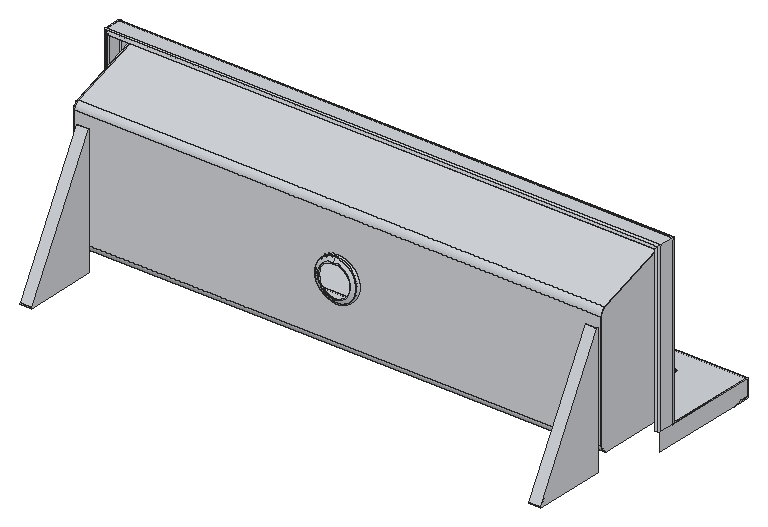
Revit family "Wall_Hung _Multiple_Station_Hand_Wash_Sink-Elkay-EWMA6020_3_6", category Plumbing Fixtures, host Face, Revit 2022
Family settings
  Host = Face
  Round Connector Dimension = Use Diameter
  Part Type = Normal
  OmniClass Number = 23.45.05.14.14
  OmniClass Title = Sinks/Lavatories
  Cut with Voids When Loaded = No
  Maintain Annotation Orientation = No
  Shared = No
  Room Calculation Point = No
Parameters (values of type "EWMA60206 (Wall Hung Multiple Station 6-Hole Sink)")
  center Hole = no
  URL = "https://www.elkay.com/us/en.html"
  Sink Width = (Back splash width + Bowl Width + Front rim)  # 20.00"
  Sink Length = (Bowl length + Rim * 2)  # 60.00"
  Sink Depth = 18.00"
  Sink Dimensions = "60 inch x 20 inch x 18 inch"  # constant formula
  Rim = 1.50"
  Right side 2 Hole pair = yes
  Repair Parts URL = "https://www.elkayfiles.com/care-cleaning-install-warranty-sheets/2000000714.pdf"
  Product data URL = "https://www.bimobject.com/en/elkay/product/EWMA60206"
  Product Weight (lbs) = 89
  Product Page URL = "https://www.elkay.com/products/details/EWMA60206"
  Product Installation Sheet URL = "https://www.elkayfiles.com/care-cleaning-install-warranty-sheets/2000000714.pdf"
  Product Documentation Link = "https://www.elkayfiles.com/spec-sheets/ewma60206_spec.pdf"
  Outlet Connection Size (inch) = 1.50"
  No of Bowls = 1  # constant formula
  Modified Date = ""
  Model = "EWMA60206"
  Manufacturer Brand = "Elkay (by Zurn Elkay Water Solutions)"  # constant formula
  Manufacturer = "Elkay Manufacturer Company"  # constant formula
  Main Material = Finish-Elkay-Stainless Steel
  Installation type = "Wall Hung"  # constant formula
  Guage = "14"  # constant formula
  Front rim = 1.50"
  Drain Size = "3 1/2 inch"
  Drain Location along y-axis = 6.88"
  Drain Location along x-axis = 30.00"
  Drain Location = "Center"  # constant formula
  Description = "Stainless Steel 60 inch x 20 inch x 18 inch 6-Hole Wall Hung Multiple Station Hand Wash Sink"
  Default Elevation = 48.00"
  Date Created = "07-15-2025"  # constant formula
  CL of Hole = 3.50"
  C/C distance of Center2-Hole pair holes = 8.00"
  Bowl Width = 16.50"
  Bowl length = 57.00"
  Bowl  Dimensions = "57 inch x 16 1/2 inch x 8 inch"  # constant formula
  Back splash width = 2.00"
  Back splash Height = 10.00"
  Assembly Code = "D2010400"
  Approx. Shipping Weight (lbs) = 90
  Center 2-Hole pair = yes
  Left side 2 Hole pair = yes
Types (3): name | center Hole | Right side 2 Hole pair | Product data URL | Product Page URL | Product Documentation Link | Model | Drain Size | Drain Location along x-axis | Description | C/C distance of Center2-Hole pair holes | Left side 2 Hole pair
  (no name) | no | yes | "https://www.bimobject.com/en/elkay/product/EWMA60206" | "https://www.elkay.com/products/details/EWMA60206" | "https://www.elkayfiles.com/spec-sheets/ewma60206_spec.pdf" | "EWMA60206" | "3 1/2 inch" | 30.00" | "Stainless Steel 60 inch x 20 inch x 18 inch 6-Hole Wall Hung Multiple Station Hand Wash Sink" | 8.00" | yes
  EWMA60206 (Wall Hung Multiple Station 6-Hole Sink) | no | yes | "https://www.bimobject.com/en/elkay/product/EWMA60206" | "https://www.elkay.com/products/details/EWMA60206" | "https://www.elkayfiles.com/spec-sheets/ewma60206_spec.pdf" | "EWMA60206" | "3 1/2 inch" | 30.00" | "Stainless Steel 60 inch x 20 inch x 18 inch 6-Hole Wall Hung Multiple Station Hand Wash Sink" | 8.00" | yes
  EWMA60203 (Wall Hung Multiple Station 3-Hole Sink) | yes | no | "https://www.bimobject.com/en/elkay/product/EWMA60203" | "https://www.elkay.com/products/details/EWMA60203" | "https://www.elkayfiles.com/spec-sheets/ewma60203_spec.pdf" | "EWMA60203" | "3 1/2" | 22.50" | "Stainless Steel 60 inch x 20 inch x 18 inch 3-Hole Wall Hung Multiple Station Hand Wash Sink" | 40.00" | no
Reference planes (in)
  plane 1 "Center (Front/Back)": y = 0
  plane 2: z = 0
  plane 3 "Center (Left/Right)": x = 0
  plane 4: x = -30
  plane 5: x = 30
  plane 6: z = 20
  plane 7: y = 14.575
  plane 8: z = 8.88
  plane 9: z = 18.5
  plane 10: z = 2
  plane 11: x = -28.5
  plane 12: x = 28.5
Lines and regions (in)
  Masking region 1
    outline origin (0, 0, 0) x (1, 0, 0) y (0, 0, 1)
      loop
        line (-30, 20) -> (-30, 0) -> (30, 0) -> (30, 20) -> (-30, 20)
  Masking region 2, detail levels fine
    outline origin (0, 0, 0) x (1, 0, 0) y (0, 0, 1)
      loop
        line (-28.5, 18.5) -> (-28.5, 2) -> (28.5, 2) -> (28.5, 18.5) -> (-28.5, 18.5)
      loop
        circle (0, 8.88) r 1.75
Dimensions and locks (in)
  equal spacing: plane 5, plane 3 "Center (Left/Right)", plane 4
  "Back splash width": plane 10 to level
  "Bowl Width": plane 9 to plane 10
  plane 9 to plane 8 to plane 10 = 9.62", 6.88"
  equal spacing: plane 12, plane 3 "Center (Left/Right)", plane 11
  "Bowl length": plane 12 to plane 11
  "Drain Location along y-axis": plane 8 to plane 10
  "Front rim": plane 6 to plane 9
  "Rim": plane 11 to plane 4
  plane 12 to plane 5 = 1.50"
  aligned and locked: plane 2 to host face
  aligned and locked: level to host face
  aligned and locked: plane 3 "Center (Left/Right)" to nested 1
  aligned and locked: nested 1 to plane 8
  aligned and locked: plane 1 "Center (Front/Back)" to nested 1
  aligned and locked: Masking region 1 sketch curve to plane 6
  aligned and locked: plane 4 to Masking region 1 sketch curve
  aligned and locked: level to Masking region 1 sketch curve
  aligned and locked: Masking region 1 sketch curve to plane 5
  aligned and locked: Masking region 2 sketch curve to plane 9
  aligned and locked: plane 11 to Masking region 2 sketch curve
  aligned and locked: plane 10 to Masking region 2 sketch curve
  aligned and locked: Masking region 2 sketch curve to plane 12
  aligned and locked: plane 8 to Masking region 2 sketch curve
  aligned and locked: plane 3 "Center (Left/Right)" to Masking region 2 sketch curve
Automatic sketch dimensions
  host sketch curve to host sketch curve = 96.00"
  host sketch curve to host sketch curve = 80.79059"
  radius of Masking region 2 sketch curve = 1.75"
Nested families (in)
  nested 1: "EWMA6020" at (0, -15.75, 10) x (1, 0, 0) z (0, 1, 0), Sink Length <- "Sink Length", Sink Width <- "Sink Width", Sink depth <- "Sink Depth", Bowl length <- "Bowl length", Bowl Width <- "Bowl Width", Back splash width <- "Back splash width", Back splash Height <- "Back splash Height", CL of Hole <- "CL of Hole", Drain location along y axis <- "Drain Location along y-axis", Front rim <- "Front rim", Rim <- "Rim", Drain location along x axis <- "Drain Location along x-axis", Center Hole <- "center Hole", Left side 2-Hole pair <- "Left side 2 Hole pair", Right side 2-Hole pair <- "Right side 2 Hole pair", Center 2-Hole pair <- "Center 2-Hole pair", c/c distance of  center 2-Hole pair <- "C/C distance of Center2-Hole pair holes", type "EWMA6020"
    with distance between 2 holes 40.00", c/c distance of  center 2-Hole pair 8.00", Stainless Steel Metal - Steel - Stainless - Chrome, Sink depth 18.00", Sink Width 20.00", Sink Length 60.00", Rim 1.50", Right side 2-Hole pair yes, Left side 2-Hole pair yes, Front rim 1.50", Drain location along y axis 6.88", Drain location along x axis 30.00", Center Hole no, Center 2-Hole pair yes, CL of Hole 3.50", Bowl length 57.00", Bowl Width 16.50", Back splash width 2.00", Back splash Height 10.00", Angle for  Bowl 71.0296°
Connectors (in)
  piping at (0, -8.3873, 8.88), diameter 1.5, driven by "Outlet Connection Size (inch)"
    settings: on nested 1, index 1, connector inside diameter 24", connector length 0.00", flow factor 0, pipe flow 0 GPM, pressure drop 0.00 psi, fitting loss kfactor 0, connector angle 0.00°, fixture units 0, engagement length 0.00", angle of deflection 0.00°, flow configuration 0, flow direction 2, fitting loss method 0, system type 16, joint type 0, gender type 0, connector reference index -1, connector utility 0, adjustable connector no, is connector primary yes, connector description "Sanitary Outlet"
Definition of nested family "EWMA6020"
  Parameters (values of type "EWMA6020")
    distance between 2 holes [instance] = 16.00"
    c/c distance of  center 2-Hole pair [instance] = 8.00"
    Sink depth [instance] = 18.00"
    Sink Width [instance] = 20.00"
    Sink Length [instance] = 48.00"
    Rim [instance] = 1.50"
    URL = ""
    Type Comments = ""
    Stainless Steel [instance] = none
    Model = ""
    Manufacturer = ""
    Main Material = none
    Front rim [instance] = 1.50"
    Drain location along y axis [instance] = 6.875"
    Drain location along x axis [instance] = 0.00"
    Description = ""
    Default Elevation = 48.00"
    Center 2-Hole pair [instance] = yes
    Center Hole [instance] = yes
    CL of Hole [instance] = 3.50"
    Bowl length [instance] = 57.00"
    Bowl Width [instance] = 16.50"
    Back splash width [instance] = 2.00"
    Back splash Height [instance] = 10.00"
    Assembly Code = ""
    Angle for  Bowl [instance] = 71.0296°
    Right side 2-Hole pair [instance] = yes
    Left side 2-Hole pair [instance] = yes
  Reference planes (in)
    plane 1 "Center (Front/Back)": y = 0
    plane 2: z = 0
    plane 3 "Center (Left/Right)": x = 0
    plane 4: y = 10
    plane 5: y = -10
    plane 6: x = 30
    plane 7: x = -30
    plane 8: x = 28.5
    plane 9: x = -28.5
    plane 10: y = 8
    plane 11: y = -8.5
    plane 12: y = 1.125
    plane 13: z = 22.325
    plane 14: z = 15.75
    plane 15: z = 13.82508
    plane 16: z = 7.82508
    plane 17: y = 8.075
    plane 18: y = 9.9248
    plane 19: z = 7.75
    plane 20: x = -28.575
    plane 21: x = 28.575
    plane 22: z = 15.47493
    plane 23: z = 25.75
    plane 24: x = 26.875
    plane 25: x = 28.125
    plane 26: x = -26.875
    plane 27: x = -28.125
    plane 28: y = 9.944
    plane 29: y = 9.84375
    plane 30: y = 9.78775
    plane 31: z = 25.675
    plane 32: x = -24
    plane 33: x = 24
  Forms (in)
    Sweep 1, solid
      path origin (-75.79017, -58.88339, 6.13433) x (0, -1, 0) y (-1, 0, 0)
        loop
          line (-58.88339, -47.21517) -> (-58.88339, -104.29017)
      profile origin (-0.0375, 0, 6.13433) x (0, 1, 0) y (0, 0, 1)
        loop
          line (8.07503, 2.37874) -> (8.07503, 9.3406) -> (7.99983, 9.3406) -> (7.99983, 2.37874)
          arc (7.99983, 2.37874) -> (7.79837, 1.89238) -> (7.31201, 1.69092) r 0.68782
          line (7.31201, 1.69092) -> (-5.2474, 1.69092)
          arc (-5.2474, 1.69092) -> (-5.65648, 1.82191) -> (-5.91338, 2.16617) r 0.70426
          line (-5.91338, 2.16617) -> (-8.33993, 9.22268) -> (-8.5, 9.26557) -> (-8.5, 9.18772) -> (-8.39771, 9.16031) -> (-5.98431, 2.14179)
          arc (-5.98431, 2.14179) -> (-5.69994, 1.76072) -> (-5.24712, 1.61572) r 0.77955
          line (-5.24712, 1.61572) -> (7.31201, 1.61572)
          arc (7.31201, 1.61572) -> (7.85154, 1.83921) -> (8.07503, 2.37874) r 0.76302
    Extrusion 2, solid
      sketch origin (-143, -1.69145, 10.2287) x (0, 1, 0) y (0, 0, 1)
        loop
          line (9.76646, -1.71571) -> (9.76646, 5.11345) -> (-6.72173, 5.11345) -> (-4.28978, -1.96131)
          arc (-4.28978, -1.96131) -> (-4.01015, -2.33609) -> (-3.56483, -2.4787) r 0.76659
          line (-3.56483, -2.4787) -> (9.00346, -2.4787)
          arc (9.00346, -2.4787) -> (9.54298, -2.25522) -> (9.76646, -1.71571) r 0.76299
      from 171.575 to 171.5
    Extrusion 3, solid
      sketch origin (-143, 0.79105, 25.9002) x (0, 1, 0) y (0, 0, 1)
        loop
          line (9.01603, -0.1502) -> (7.40186, -0.1502)
          arc (7.40186, -0.1502) -> (7.26545, -0.2067) -> (7.20895, -0.34311) r 0.19291
          line (7.20895, -0.34311) -> (7.20895, -12.07511) -> (9.20895, -12.07511) -> (9.20895, -0.34311)
          arc (9.20895, -0.34311) -> (9.15244, -0.2067) -> (9.01603, -0.1502) r 0.19291
      from 172.925 to 173
    Extrusion 4, solid
      sketch origin (-120.425, 75.12404, 65.31929) x (0, 1, 0) y (0, 0, 1)
        loop
          arc (-66.93112, -39.56929) -> (-67.06753, -39.62579) -> (-67.12404, -39.7622) r 0.19291
          line (-67.12404, -39.7622) -> (-67.12404, -51.49421) -> (-65.12404, -51.49421) -> (-65.12404, -39.7622)
          arc (-65.12404, -39.7622) -> (-65.18054, -39.62579) -> (-65.31695, -39.56929) r 0.19291
          line (-65.31695, -39.56929) -> (-66.93112, -39.56929)
      from 90.425 to 90.5
    Sweep 5, solid
      path origin (-231.74357, -59.20895, 7.75) x (0, -1, 0) y (-1, 0, 0)
        loop
          circle (-60.33395, -231.74357) r 1.77165
      profile origin (-1.77165, 1.125, 7.75) x (-1, 0, 0) y (0, 0, 1)
        loop
          line (-0.05902, -0.3873) -> (-0.05902, -0.4623) -> (0.04084, -0.4623) -> (0.44666, -0.26519)
          arc (0.44666, -0.26519) -> (0.48011, -0.24138) -> (0.50392, -0.20793) r 0.12378
          line (0.50392, -0.20793) -> (0.61619, 0) -> (0.52493, 0) -> (0.44107, -0.17611)
          arc (0.44107, -0.17611) -> (0.43086, -0.19045) -> (0.41638, -0.20046) r 0.05087
          line (0.41638, -0.20046) -> (0.02314, -0.3873) -> (-0.05902, -0.3873)
    Sweep 6, solid
      path origin (-75.72893, -59.20895, 16.07957) x (0, -1, 0) y (-1, 0, 0)
        loop
          line (-67.20895, -105.72893) -> (-49.20895, -105.72893) -> (-49.20895, -45.72893) -> (-67.20895, -45.72893)
      profile origin (-30, -1, 16.07957) x (-1, 0, 0) y (0, 0, 1)
        loop
          line (0, -2.22038) -> (0, -0.50083)
          arc (0, -0.50083) -> (-0.06697, -0.36502) -> (-0.21548, -0.33548) r 0.17118
          line (-0.21548, -0.33548) -> (-1.5002, -0.67972) -> (-1.5002, -0.78278) -> (-1.425, -0.78278) -> (-1.425, -0.73742) -> (-0.19502, -0.40785)
          arc (-0.19502, -0.40785) -> (-0.11244, -0.42427) -> (-0.0752, -0.49979) r 0.09519
          line (-0.0752, -0.49979) -> (-0.0752, -2.20812)
          arc (-0.0752, -2.20812) -> (-0.09586, -2.269) -> (-0.14932, -2.30472) r 0.1
          line (-0.14932, -2.30472) -> (-0.4375, -2.38193) -> (-0.41809, -2.45438) -> (-0.11782, -2.37392)
          arc (-0.11782, -2.37392) -> (-0.03285, -2.31715) -> (0, -2.22038) r 0.15896
    Extrusion 7, solid
      sketch origin (-120.425, 75.12404, 65.31929) x (0, 1, 0) y (0, 0, 1)
        loop
          line (-79.12404, -57.56929) -> (-79.12404, -57.64429) -> (-65.19904, -65.31937) -> (-65.12404, -65.31937) -> (-65.12404, -57.56929) -> (-79.12404, -57.56929)
      from 148.55 to 147.3
    Extrusion 8, void
      sketch origin (-143, 0, 0) x (1, 0, 0) y (0, 1, 0)
        loop
          circle (143, 1.125) r 2.3
      from 7.75 to 8.15712
    Sweep 9, solid, detail levels coarse+medium
      path origin (12, 0, 0) x (1, 0, 0) y (0, 1, 0)
        loop
          line (18, 8.075) -> (18, -10) -> (-42, -10) -> (-42, 8.075)
      profile origin (-30, -0.9625, 0) x (-1, 0, 0) y (0, 0, 1)
        loop
          line (0, 15.75) -> (-1.5, 15.75) -> (-1.5, 13.82508) -> (0, 13.82508) -> (0, 15.75)
    Extrusion 10, solid
      sketch origin (143, -1.69145, 10.2287) x (0, 1, 0) y (0, 0, -1)
        loop
          arc (9.76646, 1.71571) -> (9.54298, 2.25522) -> (9.00346, 2.4787) r 0.76299
          line (9.00346, 2.4787) -> (-3.56483, 2.4787)
          arc (-3.56483, 2.4787) -> (-4.01018, 2.33609) -> (-4.28985, 1.96131) r 0.76669
          line (-4.28985, 1.96131) -> (-6.72259, -5.11345) -> (9.76646, -5.11345) -> (9.76646, 1.71571)
      from 171.575 to 171.5
    Extrusion 11, solid
      sketch origin (0, 6.80741, -14) x (0, -0.941743, 0.336334) y (0, -0.336334, -0.941743)
        loop
          line (10.54437, -38.44316) -> (12.06451, -37.90026)
          arc (12.06451, -37.90026) -> (12.17397, -37.80117) -> (12.1813, -37.6537) r 0.19291
          line (12.1813, -37.6537) -> (8.74566, -28.03386) -> (8.67503, -28.05908) -> (12.11067, -37.67893)
          arc (12.11067, -37.67893) -> (12.10627, -37.76903) -> (12.0394, -37.82959) r 0.11777
          line (12.0394, -37.82959) -> (10.54221, -38.3643)
          arc (10.54221, -38.3643) -> (10.4335, -38.35889) -> (10.36046, -38.2782) r 0.14221
          line (10.36046, -38.2782) -> (10.26436, -38.00913) -> (10.19354, -38.03442) -> (10.29781, -38.32637)
          arc (10.29781, -38.32637) -> (10.3969, -38.43583) -> (10.54437, -38.44316) r 0.19291
      from -30 to 30
    Extrusion 12, solid
      sketch origin (120.425, 75.12404, 65.31929) x (0, 1, 0) y (0, 0, -1)
        loop
          line (-79.12404, 57.56929) -> (-65.12404, 57.56929) -> (-65.12404, 65.31937) -> (-65.19904, 65.31937) -> (-79.12404, 57.64429) -> (-79.12404, 57.56929)
      from 148.55 to 147.3
    Extrusion 13, solid
      sketch origin (0, 6.05741, -14) x (0, -0.941743, 0.336334) y (0, -0.336334, -0.941743)
        loop
          line (9.07304, -36.96041) -> (9.0203, -36.97925) -> (9.26814, -37.67319)
          arc (9.26814, -37.67319) -> (9.31835, -37.74195) -> (9.3979, -37.77231) r 0.15001
          arc (9.3979, -37.77231) -> (9.45583, -37.79349) -> (9.49425, -37.84175) r 0.11404
          line (9.49425, -37.84175) -> (9.80354, -38.70775) -> (9.85627, -38.68891) -> (9.54651, -37.82157)
          arc (9.54651, -37.82157) -> (9.48926, -37.74856) -> (9.4022, -37.71647) r 0.17004
          arc (9.4022, -37.71647) -> (9.35235, -37.69745) -> (9.32088, -37.65435) r 0.09401
          line (9.32088, -37.65435) -> (9.07304, -36.96041)
      from -30 to 30
    Extrusion 14, void
      sketch origin (0, 0, 0) x (1, 0, 0) y (0, 0, 1)
        loop
          circle (-16, 22.325) r 0.75
        loop
          circle (-24, 22.325) r 0.75
      from -8.075 to -8
    Extrusion 15, void
      sketch origin (8, 0, 0) x (1, 0, 0) y (0, 0, 1)
        loop
          circle (-4, 22.325) r 0.75
        loop
          circle (-12, 22.325) r 0.75
      from -8.075 to -8
    Extrusion 16, void
      sketch origin (16, 0, 0) x (1, 0, 0) y (0, 0, 1)
        loop
          circle (-16, 22.325) r 0.75
      from -8.075 to -8
    Extrusion 17, void
      sketch origin (0, 0, 0) x (-1, 0, 0) y (0, 0, -1)
        loop
          circle (-16, -22.325) r 0.75
        loop
          circle (-24, -22.325) r 0.75
      from -8.075 to -8
  Cuts and joins
    Extrusion 8 cuts Sweep 1
    Extrusion 14, Extrusion 15, Extrusion 16, Extrusion 17 cuts Extrusion 11
  Dimensions and locks (in)
    equal spacing: plane 4, plane 1 "Center (Front/Back)", plane 5
    equal spacing: plane 7, plane 3 "Center (Left/Right)", plane 6
    plane 3 "Center (Left/Right)" to plane 8 = 28.50"
    "Back splash width": plane 4 to plane 10
    "Front rim": plane 11 to plane 5
    "Drain location along y axis": plane 10 to plane 12
    "Rim": plane 7 to plane 9
    "Rim": plane 8 to plane 6
    "Bowl length": plane 9 to plane 8
    "Bowl Width": plane 10 to plane 11
    plane 7 to plane 6 = 60.00"
    plane 4 to plane 5 = 20.00"
    plane 14 to plane 15 = 1.92492"
    plane 14 to plane 16 = 7.92492"
    plane 16 to level = 7.82508"
    locked: plane 19 to plane 16 at 0.07508
    locked: plane 19 to Sweep 1 sketch curve at 0.77961
    locked: plane 19 to Sweep 1 sketch curve at 0.76307
    locked: plane 17 to Sweep 1 sketch curve at 0.76299
    locked: Sweep 1 sketch curve to plane 5 at 4.75288
    locked: plane 8 to plane 21 at 0.075
    locked: plane 20 to plane 9 at 0.075
    locked: Extrusion 4 to Extrusion 4 at 0.075
    locked: Extrusion 3 to Extrusion 3 at 0.075
    locked: plane 27 to plane 26 at 1.25
    locked: plane 25 to plane 24 at 1.25
    locked: plane 7 to plane 26 at 3.125
    locked: plane 6 to plane 24 at 3.125
    locked: plane 4 to plane 18 at 0.0752
    locked: plane 17 to plane 10 at 0.075
    locked: plane 18 to Extrusion 11 sketch curve at 0.11772
    locked: Extrusion 11 sketch curve to plane 10 at 0.19291
    locked: plane 4 to plane 28 at 0.056
    locked: plane 29 to plane 30 at 0.056
    locked: plane 29 to plane 10 at 1.84375
    plane 19 to plane 14 = 8.00"
    plane 19 to level = 7.75"
    locked: Sweep 9 to Sweep 6 sketch curve at 2.12481
    locked: plane 31 to plane 23 at 0.075
    "Back splash Height": plane 14 to plane 23
    plane 7 to plane 32 = 6.00"
    locked: Extrusion 14 sketch curve to Extrusion 14 sketch curve at 8
    Extrusion 17 sketch curve to Extrusion 17 sketch curve = 8.00"
    locked: Extrusion 17 sketch curve to Extrusion 17 sketch curve at 8
    "c/c distance of  center 2-Hole pair": Extrusion 15 sketch curve to Extrusion 15 sketch curve
    equal spacing: Extrusion 15 sketch curve, plane 3 "Center (Left/Right)", Extrusion 15 sketch curve
    locked: plane 6 to plane 33 at 6
    "Sink depth": plane 23 to plane 19
    plane 9 to plane 3 "Center (Left/Right)" = 28.50"
    locked: Extrusion 3 sketch curve to Extrusion 3 sketch curve (radius 0.19291")  (x2)
    locked: Extrusion 2 sketch curve to Extrusion 2 sketch curve (radius 0.76299")
    locked: Extrusion 10 sketch curve to Extrusion 10 sketch curve (radius 0.76299")
    radius of Extrusion 15 sketch curve = 0.75"
    "Angle for  Bowl": angle plane 19 to Extrusion 2 sketch curve
    aligned and locked: plane 2 to level
    aligned and locked: plane 1 "Center (Front/Back)" to Sweep 1 sketch curve
    aligned and locked: Sweep 5 sketch curve to profile plane
    aligned and locked: plane 7 to Sweep 9 sketch curve  (x2)
    aligned and locked: plane 6 to Sweep 9 sketch curve
    aligned and locked: plane 5 to Sweep 9 sketch curve
    aligned and locked: Sweep 9 sketch curve to plane 15
    aligned and locked: plane 14 to Sweep 9 sketch curve
    aligned and locked: Sweep 9 sketch curve to plane 9
    aligned and locked: plane 5 to Sweep 6 sketch curve
    aligned and locked: Extrusion 2 sketch curve to plane 17
    aligned and locked: Extrusion 2 sketch curve to plane 19
    aligned and locked: plane 7 to Sweep 6 sketch curve
    aligned and locked: plane 6 to Sweep 6 sketch curve
    aligned and locked: plane 8 to Sweep 1 sketch curve
    aligned and locked: plane 20 to Sweep 1 sketch curve
    aligned and locked: Extrusion 10 to plane 20
    aligned and locked: plane 9 to Extrusion 10
    aligned and locked: Extrusion 10 sketch curve to plane 19
    aligned and locked: Extrusion 10 sketch curve to plane 17
    aligned and locked: Extrusion 10 sketch curve to Sweep 1
    aligned and locked: Extrusion 2 to plane 8
    aligned and locked: Extrusion 2 to plane 21
    aligned and locked: plane 10 to Extrusion 11 sketch curve
    aligned and locked: plane 17 to Extrusion 11 sketch curve
    aligned and locked: Extrusion 11 sketch curve to plane 18
    aligned and locked: Extrusion 11 sketch curve to plane 4
    aligned and locked: Extrusion 11 to plane 7
    aligned and locked: Extrusion 11 to plane 6
    aligned and locked: Extrusion 4 to plane 7
    aligned and locked: Extrusion 3 to plane 6
    aligned and locked: plane 22 to Sweep 1 sketch curve
    aligned and locked: plane 27 to Extrusion 12
    aligned and locked: Extrusion 12 to plane 26
    aligned and locked: plane 3 "Center (Left/Right)" to Extrusion 8 sketch curve
    aligned and locked: plane 12 to Extrusion 8 sketch curve
    aligned and locked: plane 3 "Center (Left/Right)" to Sweep 5 sketch curve
    aligned and locked: plane 12 to Sweep 5 sketch curve
    aligned and locked: Extrusion 7 to plane 24
    aligned and locked: plane 25 to Extrusion 7
    aligned and locked: Extrusion 13 to plane 7
    aligned and locked: Extrusion 13 to plane 6
    aligned and locked: plane 23 to Extrusion 13 sketch curve
    aligned and locked: plane 30 to Extrusion 13 sketch curve
    aligned and locked: Extrusion 13 sketch curve to plane 29
    aligned and locked: plane 13 to Extrusion 14 sketch curve  (x2)
    aligned and locked: plane 13 to Extrusion 15 sketch curve  (x2)
    aligned and locked: Extrusion 16 to plane 17
    aligned and locked: Extrusion 16 to plane 10
    aligned and locked: Extrusion 14 to plane 17
    aligned and locked: Extrusion 14 to plane 10
    aligned and locked: Extrusion 15 to plane 17
    aligned and locked: Extrusion 15 to plane 10
    aligned and locked: plane 15 to Extrusion 4 sketch curve
    aligned and locked: plane 4 to Extrusion 4 sketch curve
    aligned and locked: Extrusion 4 sketch curve to plane 10
    aligned and locked: Extrusion 3 sketch curve to plane 4
    aligned and locked: plane 10 to Extrusion 3 sketch curve
    aligned and locked: Extrusion 3 sketch curve to plane 15
    aligned and locked: plane 23 to Extrusion 11 sketch curve
    aligned and locked: Extrusion 11 sketch curve to plane 31
    aligned and locked: Extrusion 4 sketch curve to plane 23
    aligned and locked: plane 23 to Extrusion 3 sketch curve
    aligned and locked: plane 32 to Extrusion 14 sketch curve
    aligned and locked: plane 33 to Extrusion 17 sketch curve
    aligned and locked: plane 13 to Extrusion 17 sketch curve  (x2)
    aligned and locked: plane 3 "Center (Left/Right)" to Extrusion 16 sketch curve
    aligned and locked: plane 13 to Extrusion 16 sketch curve
    aligned and locked: Sweep 1 sketch curve to Sweep 6  (x2)
    aligned and locked: plane 11 to Sweep 1 sketch curve
    aligned and locked: Extrusion 10 sketch curve to Sweep 6
    aligned and locked: Extrusion 2 sketch curve to Sweep 6
    aligned and locked: Extrusion 11 sketch curve to Extrusion 10
    aligned and locked: plane 19 to Sweep 5
  Automatic sketch dimensions
    plane 17 to Extrusion 4 sketch curve = 0.11791"
    plane 30 to Extrusion 4 sketch curve = 0.01934"  (x2)
    profile plane to Sweep 5 sketch curve = 0.05902"
    Sweep 5 sketch curve to profile plane = 0.02314"
    Sweep 5 sketch curve to profile plane = 0.04084"
    Sweep 5 sketch curve to profile plane = 0.15385"
    Sweep 5 sketch curve to profile plane = 0.39258"
    Sweep 5 sketch curve to Sweep 5 sketch curve = 0.00256"
    Sweep 5 sketch curve to profile plane = 0.20046"
    Sweep 5 sketch curve to Sweep 5 sketch curve = 0.02124"
    Sweep 5 sketch curve to profile plane = 0.17611"
    Sweep 5 sketch curve to Sweep 5 sketch curve = 0.02469"
    Sweep 5 sketch curve to Sweep 5 sketch curve = 0.03028"
    Sweep 5 sketch curve to profile plane = 0.20793"
    Sweep 5 sketch curve to Sweep 5 sketch curve = 0.06285"
    Sweep 5 sketch curve to Sweep 5 sketch curve = 0.08387"
    Sweep 5 sketch curve to Sweep 5 sketch curve = 0.09126"
    Sweep 5 sketch curve to profile plane = 0.3873"
    Sweep 5 sketch curve to Sweep 5 sketch curve = 0.075"
    Sweep 6 sketch curve to plane 10 = 0.00"  (x2)
    Sweep 6 sketch curve to profile plane = 0.00"
    profile plane to Sweep 6 sketch curve = 0.0752"
    profile plane to Sweep 6 sketch curve = 0.11782"
    Sweep 6 sketch curve to Sweep 6 sketch curve = 0.0315"
    Sweep 6 sketch curve to Sweep 6 sketch curve = 0.08376"
    Sweep 6 sketch curve to Sweep 6 sketch curve = 0.09519"
    Sweep 6 sketch curve to Sweep 6 sketch curve = 0.0008"
    Sweep 6 sketch curve to Sweep 6 sketch curve = 0.01624"
    Sweep 6 sketch curve to Sweep 6 sketch curve = 0.02464"
    Sweep 6 sketch curve to Sweep 6 sketch curve = 0.02046"
    Sweep 6 sketch curve to Sweep 6 sketch curve = 0.26877"
    Sweep 6 sketch curve to Sweep 6 sketch curve = 0.01941"
    Sweep 6 sketch curve to Sweep 6 sketch curve = 1.22998"
    Sweep 6 sketch curve to Sweep 6 sketch curve = 0.0752"
    Sweep 6 sketch curve to Sweep 6 sketch curve = 0.07244"
    Sweep 6 sketch curve to Sweep 6 sketch curve = 0.08046"
    Sweep 6 sketch curve to Sweep 6 sketch curve = 0.0692"
    Sweep 6 sketch curve to profile plane = 0.78278"
    Sweep 6 sketch curve to Sweep 6 sketch curve = 0.04536"
    Sweep 6 sketch curve to Sweep 6 sketch curve = 0.0577"
    Sweep 6 sketch curve to profile plane = 0.50083"
    Sweep 6 sketch curve to Sweep 6 sketch curve = 0.00104"
    plane 19 to Extrusion 7 sketch curve = 0.00"
    Extrusion 7 sketch curve to plane 4 = 0.00"
    Extrusion 7 sketch curve to level = 0.00008"
    plane 18 to Extrusion 7 sketch curve = 0.0002"
    plane 19 to Extrusion 7 sketch curve = 0.075"
    plane 1 "Center (Front/Back)" to Extrusion 7 sketch curve = 4.00"
    Sweep 9 sketch curve to plane 17 = 0.00"  (x2)
    Extrusion 11 sketch curve to Extrusion 11 sketch curve = 0.10427"
    Extrusion 11 sketch curve to Extrusion 11 sketch curve = 0.06265"
    Extrusion 11 sketch curve to Extrusion 11 sketch curve = 0.00018"
    Extrusion 11 sketch curve to Extrusion 11 sketch curve = 0.03959"
    Extrusion 11 sketch curve to Extrusion 11 sketch curve = 0.02511"
    Extrusion 11 sketch curve to Extrusion 11 sketch curve = 0.11086"
    Extrusion 11 sketch curve to Extrusion 11 sketch curve = 0.07063"
    plane 19 to Extrusion 12 sketch curve = 0.00"
    Extrusion 12 sketch curve to plane 4 = 0.00"
    Extrusion 12 sketch curve to level = 0.00008"
    plane 18 to Extrusion 12 sketch curve = 0.0002"
    plane 19 to Extrusion 12 sketch curve = 0.075"
    plane 1 "Center (Front/Back)" to Extrusion 12 sketch curve = 4.00"
    Extrusion 13 sketch curve to Extrusion 13 sketch curve = 0.00"  (x6)
    Extrusion 13 sketch curve to plane 4 = 0.00"  (x2)
    Extrusion 13 sketch curve to plane 28 = 0.00"
    Extrusion 13 sketch curve to Extrusion 13 sketch curve = 0.30976"
    Extrusion 13 sketch curve to Extrusion 13 sketch curve = 0.05226"
    Extrusion 13 sketch curve to Extrusion 13 sketch curve = 0.08484"
    Extrusion 13 sketch curve to Extrusion 13 sketch curve = 0.1051"
    Extrusion 13 sketch curve to Extrusion 13 sketch curve = 0.14127"
    Extrusion 13 sketch curve to Extrusion 13 sketch curve = 0.1951"
    Extrusion 13 sketch curve to Extrusion 13 sketch curve = 0.04426"
    Extrusion 13 sketch curve to Extrusion 13 sketch curve = 0.05045"
    Extrusion 13 sketch curve to Extrusion 13 sketch curve = 0.05274"
    Sweep 1 sketch curve to Sweep 1 sketch curve = 0.00"  (x2)
    Sweep 1 sketch curve to Sweep 1 sketch curve = 0.00028"
    Sweep 1 sketch curve to Sweep 1 sketch curve = 0.66599"
    Sweep 1 sketch curve to Sweep 1 sketch curve = 0.07093"
    Sweep 1 sketch curve to Sweep 1 sketch curve = 0.05778"
    Sweep 1 sketch curve to Sweep 1 sketch curve = 0.10229"
    Sweep 1 sketch curve to Sweep 1 sketch curve = 0.0752"
    Extrusion 10 sketch curve to plane 16 = 0.4423"
    Extrusion 2 sketch curve to plane 16 = 0.4423"
    plane 11 to Extrusion 2 sketch curve = 0.08682"
    radius of Sweep 5 sketch curve = 1.77165"
    radius of Extrusion 8 sketch curve = 2.30"
    radius of Extrusion 14 sketch curve = 0.75"  (x2)
    radius of Extrusion 16 sketch curve = 0.75"
    radius of Extrusion 17 sketch curve = 0.75"  (x2)
    radius of Extrusion 15 sketch curve = 0.75"
